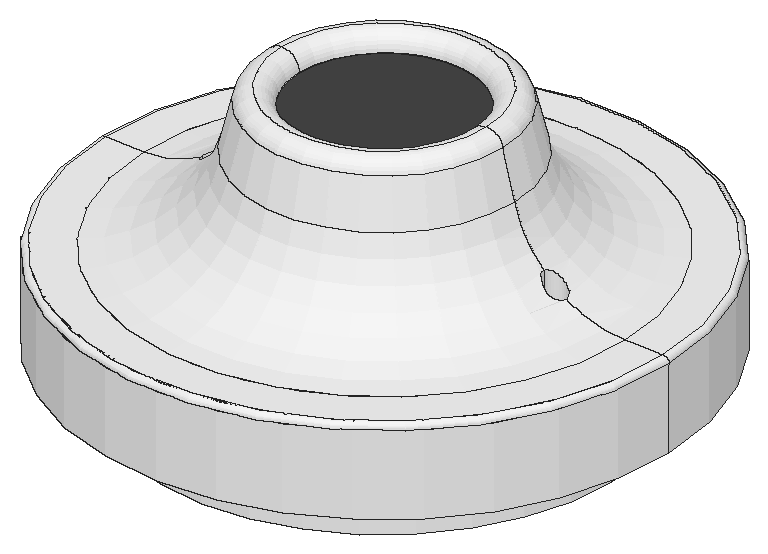
Revit family "299-BFD-FLA-DSD-PL-___ (LOD400)", category Fire Alarm Devices, host Face, Revit 2018
Family settings
  Host = Face
  Maintain Annotation Orientation = No
  Round Connector Dimension = Use Diameter
  Part Type = Normal
  OmniClass Number = 23.29.29.13.15
  OmniClass Title = Flame Detectors
  Cut with Voids When Loaded = No
  Shared = No
  Room Calculation Point = No
Parameters (values of type "BFD-FLA-DSD-PL-___")
  Default Elevation = 1219.2 mm
  DSD.Com.Material = ""
  DSD.Com.Installed Date [instance] = ""
  DSD.Com.Commission Date [instance] = ""
  DSD.Com.CAT Code = "BFD"
  DSD.Com.Asset Code [instance] = ""
  DSD.BFD.Wireless_Optical Zone Tag ID [instance] = ""
  DSD.BFD.Wireless_Optical Tag ID [instance] = ""
  DSD.BFD.Width = 0 mm
  DSD.BFD.Weight = ""
  DSD.BFD.Usage Unit = ""
  DSD.BFD.Unit Number [instance] = ""
  DSD.BFD.System Code [instance] = ""
  DSD.BFD.Supplier Name = ""
  DSD.BFD.Supplier Contact = ""
  DSD.BFD.Site ID = ""
  DSD.BFD.Serial Number [instance] = ""
  DSD.BFD.Remark [instance] = ""
  DSD.BFD.Priority = ""
  DSD.BFD.Place of Origin = ""
  DSD.BFD.Original Price Amount Currency = ""
  DSD.BFD.Original Price Amount [instance] = ""
  DSD.BFD.Model = ""
  DSD.BFD.Manufacturer Name = ""
  DSD.BFD.Manufacturer Contact = ""
  DSD.BFD.Manufactured Date [instance] = ""
  DSD.BFD.Maintenance Usage Threshold = ""
  DSD.BFD.Length = 0 mm
  DSD.BFD.Is Parent Entity = ""
  DSD.BFD.Height = 0 mm
  DSD.BFD.File Number [instance] = ""
  DSD.BFD.Expected Life Time = ""
  DSD.BFD.Equipment Type = ""
  DSD.BFD.Equipment Number [instance] = ""
  DSD.BFD.Equipment Name English = ""
  DSD.BFD.Equipment Name Chinese = ""
  DSD.BFD.Elevation Type = ""
  DSD.BFD.Elevation [instance] = ""
  DSD.BFD.District Code = ""
  DSD.BFD.DLP End Date [instance] = ""
  DSD.BFD.Criticality = ""
  DSD.BFD.Brand Name = ""
  DSD.BFD.Address = ""
  2D Symbol_DI_Visible [instance] = yes
  2D Symbol_DI_Scale [instance] = DI_BFD_FLA : 1to50
  2D Symbol_DI_Offset Y [instance] = 0 mm
  2D Symbol_DI_Offset X [instance] = 0 mm
  2D Symbol_DI_Angle [instance] = 90.00°
  2D Symbol_Anno_Visible [instance] = yes
  2D Symbol_Anno_Offset Y [instance] = 0 mm
  2D Symbol_Anno_Offset X [instance] = 0 mm
  2D Symbol_Anno_Angle [instance] = 90.00°
Reference planes
  plane 1 "Center (Front/Back)": y = 0
  plane 2: z = 0
  plane 3 "Center (Left/Right)": x = 0
  plane 4: z = 8
  plane 5: z = 48
  plane 6: x = -50
  plane 7: x = 50
Forms (mm)
  Revolve 1, solid, material "White", detail levels fine
    sketch origin (0, 0, 0) x (1, 0, 0) y (0, 0, 1)
      loop
        line (-50, 22) -> (-50, 8) -> (-40, 8) -> (-40, 0) -> (0, 0) -> (0, 40) -> (-15, 40) -> (-15, 45)
        arc (-15, 45) -> (-15.879, 47.121) -> (-18, 48) r 3
        arc (-18, 48) -> (-19.837, 47.372) -> (-20.904, 45.751) r 3
        line (-20.904, 45.751) -> (-22.912, 37.99)
        arc (-22.912, 37.99) -> (-30.031, 27.186) -> (-42.275, 23) r 20
        line (-42.275, 23) -> (-49, 23)
        arc (-49, 23) -> (-49.707, 22.707) -> (-50, 22) r 1
      axis (0, 48) -> (0, 0)
    angle from 0 to 360
  Extrusion 2, void
    sketch origin (0, 0, 0) x (1, 0, 0) y (0, 1, 0)
      loop
        circle (-30, 0) r 2
      loop
        circle (30, 0) r 2
    from 15.389 to 29.899
  Extrusion 3, solid, material "Black", detail levels fine
    sketch origin (0, 0, 40) x (0, 1, 0) y (-1, 0, 0)
      loop
        circle (0, 0) r 15
    from 0 to 5
Cuts and joins
  Extrusion 2 cuts Revolve 1
Dimensions and locks
  plane 4 to plane 2 = 8 mm
  "2D Symbol_Anno_Angle": angle plane 1 "Center (Front/Back)" to nested 1
  "2D Symbol_DI_Angle": angle nested 2 to plane 2
  aligned and locked: plane 2 to host face
  aligned and locked: level to host face
Automatic sketch dimensions
  host sketch curve to host sketch curve = 2438.4 mm  (x2)
  Revolve 1 sketch curve to Revolve 1 sketch curve = 0 mm  (x2)
  Revolve 1 sketch curve to plane 6 = 0 mm
  Revolve 1 sketch curve to level = 0 mm
  Revolve 1 sketch curve to plane 4 = 0 mm
  Revolve 1 sketch curve to plane 5 = 0 mm
  Revolve 1 sketch curve to plane 3 "Center (Left/Right)" = 0 mm  (x2)
  Revolve 1 sketch curve to Revolve 1 sketch curve = 1 mm
  Revolve 1 sketch curve to Revolve 1 sketch curve = 6.725 mm
  plane 6 to Revolve 1 sketch curve = 10 mm
  Revolve 1 sketch curve to plane 5 = 10.01 mm
  Revolve 1 sketch curve to Revolve 1 sketch curve = 19.362 mm
  Revolve 1 sketch curve to plane 5 = 2.249 mm
  Revolve 1 sketch curve to Revolve 1 sketch curve = 2.008 mm
  Revolve 1 sketch curve to plane 5 = 3 mm
  Revolve 1 sketch curve to Revolve 1 sketch curve = 14 mm
  Revolve 1 sketch curve to plane 5 = 8 mm
  Revolve 1 sketch curve to level = 27 mm
  plane 5 to Revolve 1 sketch curve = 15 mm
  plane 1 "Center (Front/Back)" to Extrusion 2 sketch curve = 0 mm  (x2)
  plane 6 to Extrusion 2 sketch curve = 20 mm
  plane 7 to Extrusion 2 sketch curve = 20 mm
  radius of Extrusion 2 sketch curve = 2 mm  (x2)
  radius of Extrusion 3 sketch curve to Revolve 1 = 0 mm
Nested families
  nested 1: "Anno_BFD_FLA" at (0, 0, 0), visible <- "2D Symbol_Anno_Visible", User X <- "2D Symbol_Anno_Offset X", User Y <- "2D Symbol_Anno_Offset Y", type "Anno_BFD_FLA", detail levels coarse+medium
    with User Y 0 mm, User X 0 mm, Annotation W 200 mm, Annotation H 200 mm
  nested 2: "DI_BFD_FLA" at (0, 0, 0) x (-1, 0, 0) z (0, -1, 0), User X <- "2D Symbol_DI_Offset X", User Y <- "2D Symbol_DI_Offset Y", visible <- "2D Symbol_DI_Visible", type <- "2D Symbol_DI_Scale", type "1to50", detail levels coarse+medium
    with User Y 0 mm, User X 0 mm, Detail Item W 10000 mm, Detail Item H 10000 mm, 2W 20000 mm, 2H 20000 mm
Connectors
  electrical at (0, 0, 0)
    settings: on cut or joined group of Revolve 1, Extrusion 2, index 1, voltage 380 V, apparent load 0 VA, apparent load phase1 0 VA, apparent load phase2 0 VA, apparent load phase3 0 VA, power factor 1, load classification "Other", number of poles 3, system type 11, power factor state 1, is connector primary yes, connector utility no, sub classification motor no, connector description ""
Definition of nested family "Anno_BFD_FLA"
  Parameters (values of type "Anno_BFD_FLA")
    User Y [instance] = 0 mm
    User X [instance] = 0 mm
    Annotation W [instance] = 200 mm + User X  # 200 mm
    Annotation H [instance] = 200 mm + User Y  # 200 mm
  Reference planes
    plane 1: y = 0
    plane 2: x = 0
  Lines and regions (mm)
    reference lines
      curve 1: line (-200, -141.949, 0) -> (-200, 53.051, 0)
      curve 2: line (-184.39, -200, 0) -> (165.61, -200, 0)
  Dimensions and locks
    "Annotation H": curve 2 to nested 1
    "Annotation W": curve 1 to nested 1
  Automatic sketch dimensions
    curve 1 to plane 1 = 53.051 mm
    curve 1 to plane 2 = 200 mm
    curve 1 to curve 2 = 15.61 mm
    plane 2 to curve 2 = 165.61 mm
    plane 1 to curve 1 = 141.949 mm
    curve 2 to curve 1 = 58.051 mm
  Nested families
    nested 1: "Anno__" at (0, 0, 0), type "Anno_BPA"
  Definition of nested family "Anno__"
    Reference planes
      plane 1: y = 0
      plane 2: x = 0
    Lines and regions (mm)
      detail lines
        curve 1: circle (0, 0, 0) r 2.815 normal (0, 0, 1)
    Text (mm)
      text "F" at (-0.188, 1.849, 0)
Definition of nested family "DI_BFD_FLA"
  Parameters (values of type "1to200")
    User Y [instance] = 0 mm
    User X [instance] = 0 mm
    Detail Item W [instance] = 10000 mm + User X  # 10000 mm
    Detail Item H [instance] = 10000 mm + User Y  # 10000 mm
    2W [instance] = Detail Item W * 2  # 20000 mm
    2H [instance] = Detail Item H * 2  # 20000 mm
    2D Symbol_DI_Scale = DI__ : 1to200
  Types (3, lengths in mm): name | 2D Symbol_DI_Scale
    1to50 | DI__ : 1to50
    1to100 | DI__ : 1to100
    1to200 | DI__ : 1to200
  Reference planes
    plane 1 "Center (Front/Back)": y = 0
    plane 2: z = 0
    plane 3 "Center (Left/Right)": x = 0
    plane 4: x = -10000
    plane 5: y = -10000
    plane 6: x = 10000
    plane 7: y = 10000
  Dimensions and locks
    "Detail Item W": plane 4 to nested 1
    "Detail Item H": nested 1 to plane 5
    "2W": plane 4 to plane 6
    "2H": plane 7 to plane 5
  Nested families
    nested 1: "DI__" at (0, 0, 0), type <- "2D Symbol_DI_Scale", type "1to200", in view "Ref. Level"
  Definition of nested family "DI__"
    Parameters (values of type "1to50")
      1to50 = yes
      1to200 = no
      1to100 = no
    Types (3, lengths in mm): name | 1to50 | 1to200 | 1to100
      1to50 | yes | no | no
      1to200 | no | yes | no
      1to100 | no | no | yes
    Reference planes
      plane 1 "Center (Front/Back)": y = 0
      plane 2: z = 0
      plane 3 "Center (Left/Right)": x = 0
    Lines and regions (mm)
      Filled region 1, type "Solid Fill - Black", in view "Ref. Level", visible <- "1to100"
        outline origin (87.751, 273.416, 0) x (1, 0, 0) y (0, 1, 0)
          loop
            line (-129.081, 79.153) -> (-19.821, 79.153) -> (-19.821, 105.753) -> (-155.681, 105.753) -> (-155.681, -97.053) -> (-129.052, -97.053) -> (-129.052, -5.24) -> (-34.222, -5.24) -> (-34.222, 21.36) -> (-129.081, 21.36) -> (-129.081, 79.153)
      Filled region 2, type "Solid Fill - Black", in view "Ref. Level", visible <- "1to200"
        outline origin (175.494, 546.832, 0) x (1, 0, 0) y (0, 1, 0)
          loop
            line (-258.152, 158.3) -> (-39.639, 158.3) -> (-39.639, 211.498) -> (-311.349, 211.498) -> (-311.349, -194.097) -> (-258.093, -194.097) -> (-258.093, -10.479) -> (-68.441, -10.479) -> (-68.441, 42.719) -> (-258.152, 42.719) -> (-258.152, 158.3)
      Filled region 3, type "Solid Fill - Black", in view "Ref. Level", visible <- "1to50"
        outline origin (43.876, 136.708, 0) x (1, 0, 0) y (0, 1, 0)
          loop
            line (-64.541, 39.577) -> (-9.91, 39.577) -> (-9.91, 52.877) -> (-77.841, 52.877) -> (-77.841, -48.526) -> (-64.526, -48.526) -> (-64.526, -2.62) -> (-17.111, -2.62) -> (-17.111, 10.68) -> (-64.541, 10.68) -> (-64.541, 39.577)
      detail lines, in view "Ref. Level", visible <- "1to200"
        curve 1: circle (0, 562.952, 0) r 562.952 normal (0, 0, 1)
      detail lines, in view "Ref. Level", visible <- "1to100"
        curve 2: circle (0, 281.476, 0) r 281.476 normal (0, 0, 1)
      detail lines, in view "Ref. Level", visible <- "1to50"
        curve 3: circle (0, 140.738, 0) r 140.738 normal (0, 0, 1)
